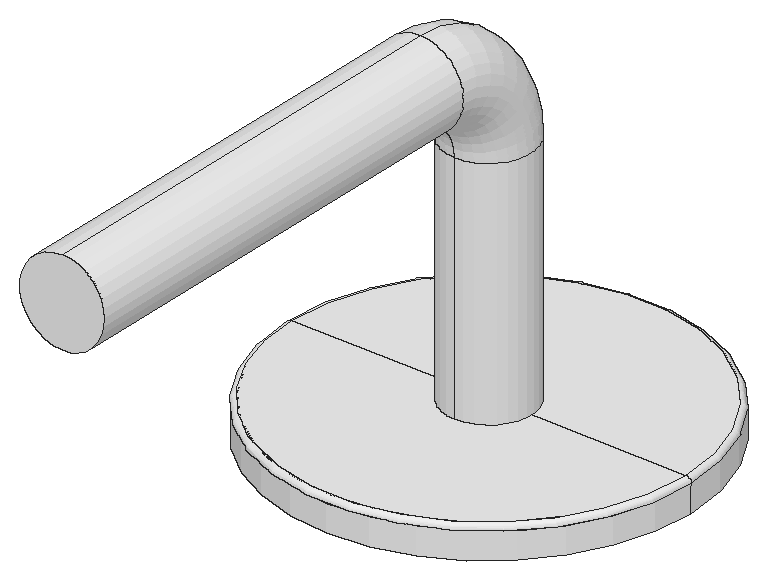
Revit family "Trim-Waterworks-Flyte-Volume_Control", category Plumbing Fixtures, host Face, Revit 2014
Parameters (values of type "NOT A TYPE - Load Type Catalog")
  ‌Installation Requirements or Notes = "Required 1/2'' valve rough Hot -GUVC18 or Cold -GUVC19, sold separately."  # constant formula
  Waste Connection = 1 = 0  # no
  Warranty = "http://www.waterworks.com/warranty"
  Version = "2014 - v1.0a"  # constant formula
  Vent Connection = 1 = 0  # no
  Support Phone = "(224) 699-9545"  # constant formula
  Support Email = "mailto:support@anguleris.com"
  Model SKU = if(and(Constraint = 1, ControlM = 1), "05-96038-75510", if(and(Constraint = 1, ControlM = 2), "05-58938-50372", if(and(Constraint = 1, ControlM = 3), "05-82622-50145", if(and(Constraint = 1, ControlM = 4), "05-54097-90511", if(and(Constraint = 2, ControlM = 5), "05-66137-92977", if(and(Constraint = 2, ControlM = 6), "05-87745-21106", if(and(Constraint = 2, ControlM = 7), "05-63184-81440", if(and(Constraint = 2, ControlM = 8), "05-56007-64486", "Not Available"))))))))  # "05-96038-75510"
  Manufacturer Email = "mailto:acallanan@waterworks.com"
  Lever Handles = if(Constraint = 1, 1 = 1, 1 = 0)  # yes
  Length = 0' - 2 3/8"  # constant formula
  Keynote = "22 40 00"
  Hot Limit Safety Stop = 1 = 0  # no
  Height = if(Constraint = 1, 0' 4 5/16", 0' 2 3/8")  # 0' - 4 5/16"
  HW Connection = 1 = 1  # yes
  WFU = 0
  URL = "http://www.waterworks.com/"
  Product Page URL = "http://www.waterworks.com/flyte-volume-control-valve-trim-with-metal-lever-handle-flvc50"
  Product Name = if(Constraint = 1, "Flyte Volume Control Valve Trim with Metal Lever Handle", "Flyte Volume Control Valve Trim with Metal Cross Handle")  # "Flyte Volume Control Valve Trim with Metal Lever Handle"
  Product Documentation Link = "http://assets.waterworks.com/wasset/26/original/35826.pdf"
  Model = if(Constraint = 1, "FLVC50", "FLVC40")  # "FLVC50"
  Material = ""
  Manufacturer Phone Number = "(203)546-6201"  # constant formula
  Manufacturer Address = "60 Backus Avenue, Danbury, CT 06810"  # constant formula
  Manufacturer = "Waterworks"  # constant formula
  HWFU = 0
  Fittings Hole Diameter = 0' - 1 3/8"  # constant formula
  Finish = Metal - Waterworks - Chrome
  Description = if(and(Constraint = 1, ControlM = 1), "Flyte Volume Control Valve Trim with Metal Lever Handle in Chrome", if(and(Constraint = 1, ControlM = 2), "Flyte Volume Control Valve Trim with Metal Lever Handle in Graphite", if(and(Constraint = 1, ControlM = 3), "Flyte Volume Control Valve Trim with Metal Lever Handle in Nickel", if(and(Constraint = 1, ControlM = 4), "Flyte Volume Control Valve Trim with Metal Lever Handle in Unlacquered Brass", if(and(Constraint = 2, ControlM = 5), "Flyte Volume Control Valve Trim with Metal Cross Handle in Chrome", if(and(Constraint = 2, ControlM = 6), "Flyte Volume Control Valve Trim with Metal Cross Handle in Graphite", if(and(Constraint = 2, ControlM = 7), "Flyte Volume Control Valve Trim with Metal Cross Handle in Nickel", if(and(Constraint = 2, ControlM = 8), "Flyte Volume Control Valve Trim with Metal Cross Handle in Unlacquered Brass", "Not Available"))))))))  # "Flyte Volume Control Valve Trim with Metal Lever Handle in Chrome"
  Depth = 0' - 2 5/16"  # constant formula
  Default Elevation = 2' - 10"
  Cross Handles = not(Lever Handles)  # no
  Copyright = "@2017 Waterworks Operating Company LLC. All rights reserved"  # constant formula
  ControlM = 1
  Control Valve Rough-in Depth Minimum = 0' - 3 1/4"  # constant formula
  Control Valve Rough-in Depth Maximum = 0' - 4 1/4"  # constant formula
  Constraint = 1
  Code Compliance = if(Constraint = 1, "Code # FLSV50: Complies with ASME A112.18.1/CSA B125.1, ASTM E 1621-05, ANSI A117.1 ADA.   Certified with IAPMO, cUPC & State of MA", "Code # FLSV40:")  # "Code # FLSV50: Complies with ASME A112.18.1/CSA B125.1, ASTM E 1621-05, ANSI A117.1 ADA.   Certified with IAPMO, cUPC & State of MA"
  Certification cUPC = 1 = 1  # yes
  Certification State of MA = 1 = 1  # yes
  Certification IAPMO = 1 = 1  # yes
  CWFU = 0
  CW Connection = 1 = 1  # yes
  Assembly Code = "D2010"
  Anti-scald Protection = 1 = 0  # no
  ADA Compliant = 1 = 1  # yes
Reference planes (in)
  plane 1 "Center (Front/Back)": y = 0
  plane 2 "Bottom": z = 0
  plane 3 "Center (Left/Right)": x = 0
  plane 4 "Top": z = 2.3125
  plane 5 "Left": x = -1.1875
  plane 6 "Right": x = 1.1875
  plane 7 "Back": y = 1.1875
  plane 8 "Front": y = -1.1875
  plane 9: through (-0.97227, 0.97227, 48) normal (-0.7071, 0.7071, 0)
  plane 10: through (0.97227, -0.97227, 48) normal (-0.7071, 0.7071, 0)
  plane 11: z = 2.0625
  plane 12: z = 0.1875
  plane 13: y = -3.125
Forms (in)
  Revolve 1, solid, material "Metal - Waterworks - Chrome" <- "Finish"
    sketch origin (0, 0, 0) x (1, 0, 0) y (0, 0, 1)
      loop
        line (0, 0) -> (0, 0.1875) -> (-1.15625, 0.1875)
        arc (-1.15625, 0.1875) -> (-1.17835, 0.17835) -> (-1.1875, 0.15625) r 0.03125
        line (-1.1875, 0.15625) -> (-1.1875, 0) -> (0, 0)
      axis (0, 0.1875) -> (0, 0)
    angle from 0 to 360
  Extrusion 2, solid, material "Metal - Waterworks - Chrome" <- "Finish", visible <- "Cross Handles"
    sketch origin (0, 0, 0) x (1, 0, 0) y (0, 1, 0)
      loop
        circle (0, 0) r 0.25
    from 0.1875 to 2.0625
  Sweep 3, solid, material "Metal - Waterworks - Chrome" <- "Finish", visible <- "Cross Handles"
    path origin (-6, -180, 2.0625) x (-1, 0, 0) y (0, -1, 0)
      loop
        line (-6.97227, -179.02773) -> (-5.02773, -180.97227)
    profile origin (0, 0, 2.0625) x (-0.707107, -0.707107, 0) y (0, 0, 1)
      loop
        circle (0, 0) r 0.25
  Sweep 4, solid, material "Metal - Waterworks - Chrome" <- "Finish", visible <- "Cross Handles"
    path origin (-6, -180, 2.0625) x (-1, 0, 0) y (0, -1, 0)
      loop
        line (-5.02773, -179.02773) -> (-6.97227, -180.97227)
    profile origin (0, 0, 2.0625) x (-0.707107, 0.707107, 0) y (0, 0, 1)
      loop
        circle (0, 0) r 0.25
  Sweep 5, solid, material "Metal - Waterworks - Chrome" <- "Finish", visible <- "Lever Handles"
    path origin (0, 0, 0) x (0, 1, 0) y (0, 0, 1)
      loop
        line (0, 0.1875) -> (0, 1.5625)
        arc (0, 1.5625) -> (-0.14645, 1.91605) -> (-0.5, 2.0625) r 0.5
        line (-0.5, 2.0625) -> (-3.125, 2.0625)
    profile origin (0, 0, 0.875) x (0, -1, 0) y (1, 0, 0)
      loop
        circle (0, 0) r 0.25
Lines and regions (in)
  Masking region 1
    outline origin (0, 0, 0) x (1, 0, 0) y (0, 0, 1)
      loop
        line (-1.1875, 0) -> (1.1875, 0) -> (1.1875, 0.1875) -> (-1.1875, 0.1875) -> (-1.1875, 0)
  Masking region 2, visible <- "Lever Handles", detail levels coarse+medium
    outline origin (0, 0, 0) x (1, 0, 0) y (0, 0, 1)
      loop
        line (-0.25, 0.1875) -> (0.25, 0.1875) -> (0.25, 2.3125) -> (-0.25, 2.3125) -> (-0.25, 0.1875)
  Masking region 3, visible <- "Lever Handles", detail levels fine
    outline origin (0, 0, 0) x (1, 0, 0) y (0, 0, 1)
      loop
        line (-0.25, 0.1875) -> (0.25, 0.1875) -> (0.25, 2.0625)
        arc (0.25, 2.0625) -> (0, 2.3125) -> (-0.25, 2.0625) r 0.25
        line (-0.25, 2.0625) -> (-0.25, 0.1875)
  Masking region 4, visible <- "Cross Handles", detail levels coarse+medium
    outline origin (0, 0, 0) x (1, 0, 0) y (0, 0, 1)
      loop
        line (-0.25, 0.1875) -> (0.25, 0.1875) -> (0.25, 1.80452) -> (1.1875, 1.80452) -> (1.1875, 2.3125) -> (-1.1875, 2.3125) -> (-1.1875, 1.80452) -> (-0.25, 1.80452) -> (-0.25, 0.1875)
  Masking region 5, visible <- "Cross Handles", detail levels fine
    outline origin (0, 0, 0) x (1, 0, 0) y (0, 0, 1)
      loop
        line (-0.25, 0.1875) -> (0.25, 0.1875) -> (0.25, 1.81047) -> (0.94359, 1.81047)
        spline (0.94359, 1.81047) -> (1.00829, 1.81903) -> (1.06859, 1.8441) -> (1.12037, 1.88399) -> (1.1601, 1.93598) -> (1.18507, 1.99652) -> (1.19359, 2.06149) -> (1.18507, 2.12645) -> (1.1601, 2.18699) -> (1.12037, 2.23898) -> (1.06859, 2.27887) -> (1.00829, 2.30395) -> (0.94359, 2.3125)
        line (0.94359, 2.3125) -> (-0.93825, 2.3125)
        spline (-0.93825, 2.3125) -> (-1.00295, 2.30395) -> (-1.06325, 2.27887) -> (-1.11503, 2.23898) -> (-1.15476, 2.18699) -> (-1.17973, 2.12645) -> (-1.18825, 2.06149) -> (-1.17973, 1.99652) -> (-1.15476, 1.93598) -> (-1.11503, 1.88399) -> (-1.06325, 1.8441) -> (-1.00295, 1.81903) -> (-0.93825, 1.81047)
        line (-0.93825, 1.81047) -> (-0.25, 1.81047) -> (-0.25, 0.1875)
  symbolic lines, style "PlumbingFixtures", visible <- "Cross Handles", detail levels fine
    curve 1: line (-0.25, 0, 1.81047) -> (0.25, 0, 1.81047)
  symbolic lines, visible <- "Cross Handles", detail levels fine
    curve 2: line (0, 0, 1.81047) -> (0, 0, 2.3125)
Dimensions and locks (in)
  "Depth": plane 4 "Top" to plane 2 "Bottom"
  equal spacing: plane 5 "Left", plane 3 "Center (Left/Right)", plane 6 "Right", locked at 1.1875 each
  equal spacing: plane 8 "Front", plane 1 "Center (Front/Back)", plane 7 "Back", locked at 1.1875 each
  equal spacing: plane 9, plane 3 "Center (Left/Right)", plane 10
  plane 9 to plane 10 = 0' - 2 3/4"
  Revolve 1 sketch curve to Revolve 1 sketch curve to plane 2 "Bottom" = 0' - 0 1/32" locked, 0' - 0 5/32" locked
  locked: Revolve 1 sketch curve to plane 5 "Left" at 0.03125
  locked: plane 4 "Top" to plane 11 at 0.25
  locked: Extrusion 2 sketch curve to plane 3 "Center (Left/Right)" at 0.25
  locked: plane 12 to plane 2 "Bottom" at 0.1875
  locked: plane 3 "Center (Left/Right)" to Sweep 4 sketch curve at 0
  equal spacing: Sweep 4 sketch curve, plane 3 "Center (Left/Right)", Sweep 4 sketch curve, locked at 1.375 each
  locked: plane 3 "Center (Left/Right)" to Sweep 3 sketch curve at 0
  locked: plane 13 to plane 1 "Center (Front/Back)" at 3.125
  locked: Sweep 5 sketch curve to plane 2 "Bottom" at 1.5625
  aligned and locked: host face to plane 2 "Bottom"
  aligned and locked: level to host face
  aligned and locked: Revolve 1 sketch curve to plane 3 "Center (Left/Right)"  (x2)
  aligned and locked: plane 2 "Bottom" to Revolve 1 sketch curve
  aligned and locked: plane 5 "Left" to Revolve 1 sketch curve
  aligned and locked: plane 3 "Center (Left/Right)" to Extrusion 2 sketch curve
  aligned and locked: plane 1 "Center (Front/Back)" to Extrusion 2 sketch curve
  aligned and locked: plane 11 to Extrusion 2
  aligned and locked: Extrusion 2 to plane 12
  aligned and locked: profile plane to plane 11  (x2)
  aligned and locked: plane 3 "Center (Left/Right)" to Sweep 3 sketch curve
  aligned and locked: plane 11 to Sweep 3 sketch curve
  aligned and locked: plane 11 to Sweep 4 sketch curve
  aligned and locked: plane 3 "Center (Left/Right)" to Sweep 4 sketch curve
  aligned and locked: plane 9 to Sweep 3 sketch curve
  aligned and locked: plane 10 to Sweep 3 sketch curve
  aligned and locked: plane 1 "Center (Front/Back)" to Sweep 5 sketch curve
  aligned and locked: Sweep 5 sketch curve to plane 11
  aligned and locked: plane 13 to Sweep 5 sketch curve
  aligned and locked: plane 12 to Sweep 5 sketch curve
  aligned and locked: Sweep 5 sketch curve to Extrusion 2  (x2)
Automatic sketch dimensions
  host sketch curve to host sketch curve = 6' - 0"  (x2)
  Revolve 1 sketch curve to Revolve 1 sketch curve = 0' - 11.67708"
  plane 4 "Top" to Revolve 1 sketch curve = 0' - 9 11/16"
  plane 5 "Left" to Sweep 3 sketch curve = 0' - 0.21523"
  plane 11 to Sweep 3 sketch curve = 0' - 0"
  Sweep 3 sketch curve to profile plane = 0' - 0"
  plane 5 "Left" to Sweep 4 sketch curve = 0' - 0.21523"
  plane 7 "Back" to Sweep 4 sketch curve = 0' - 0.21523"
  Sweep 4 sketch curve to profile plane = 0' - 0"
  Masking region 1 sketch curve to plane 5 "Left" = 0' - 0"
  Masking region 1 sketch curve to level = 0' - 0"
  Masking region 1 sketch curve to plane 6 "Right" = 0' - 0"
  Masking region 1 sketch curve to plane 12 = 0' - 0"
  Masking region 2 sketch curve to plane 4 "Top" = 0' - 0"
  Masking region 2 sketch curve to plane 12 = 0' - 0"
  Masking region 2 sketch curve to plane 3 "Center (Left/Right)" = 0' - 0 1/4"
  plane 3 "Center (Left/Right)" to Masking region 2 sketch curve = 0' - 0 1/4"
  Masking region 3 sketch curve to plane 12 = 0' - 0"
  Masking region 3 sketch curve to plane 3 "Center (Left/Right)" = 0' - 0"
  Masking region 3 sketch curve to plane 11 = 0' - 0"
  Masking region 3 sketch curve to plane 3 "Center (Left/Right)" = 0' - 0 1/4"
  Masking region 4 sketch curve to plane 4 "Top" = 0' - 0"
  Masking region 4 sketch curve to plane 5 "Left" = 0' - 0"
  Masking region 4 sketch curve to plane 12 = 0' - 0"
  Masking region 4 sketch curve to plane 6 "Right" = 0' - 0"
  plane 3 "Center (Left/Right)" to Masking region 4 sketch curve = 0' - 0 1/4"
  Masking region 4 sketch curve to plane 11 = 0' - 0.25798"  (x2)
  Masking region 4 sketch curve to plane 3 "Center (Left/Right)" = 0' - 0 1/4"
  Masking region 5 sketch curve to plane 12 = 0' - 0"
  Masking region 5 sketch curve to plane 4 "Top" = 0' - 0"
  plane 5 "Left" to Masking region 5 sketch curve = 0' - 0.24925"
  Masking region 5 sketch curve to plane 3 "Center (Left/Right)" = 0' - 0 1/4"
  plane 3 "Center (Left/Right)" to Masking region 5 sketch curve = 0' - 0 1/4"
  Masking region 5 sketch curve to plane 11 = 0' - 0.25203"
  Masking region 5 sketch curve to plane 6 "Right" = 0' - 0.24391"
  Masking region 5 sketch curve to plane 11 = 0' - 0.00101"
  curve 2 to plane 3 "Center (Left/Right)" = 0' - 0"
  curve 2 to plane 4 "Top" = 0' - 0"
  curve 1 to curve 2 = 0' - 0 1/4"
  plane 3 "Center (Left/Right)" to curve 1 = 0' - 0 1/4"
  curve 1 to plane 11 = 0' - 0.25203"
  radius of Sweep 3 sketch curve = 0' - 0 1/4"
  radius of Sweep 4 sketch curve = 0' - 0 1/4"
Types in the file's own list only (8): name | Model SKU | Lever Handles | Height | Product Page URL | Product Name | Product Documentation Link | Model | Finish | Description | Cross Handles | ControlM | Constraint | Code Compliance
  Lever Handle - Chrome | "05-96038-75510" | Yes | 0' - 4 5/16" | "http://www.waterworks.com/flyte-volume-control-valve-trim-with-metal-lever-handle-flvc50" | "Flyte Volume Control Valve Trim with Metal Lever Handle" | "http://assets.waterworks.com/wasset/26/original/35826.pdf" | "FLVC50" | Metal - Waterworks - Chrome | "Flyte Volume Control Valve Trim with Metal Lever Handle in Chrome" | No | 1 | 1 | "Code # FLSV50: Complies with ASME A112.18.1/CSA B125.1, ASTM E 1621-05, ANSI A117.1 ADA.   Certified with IAPMO, cUPC & State of MA"
  Lever Handle - Graphite | "05-58938-50372" | Yes | 0' - 4 5/16" | "http://www.waterworks.com/flyte-volume-control-valve-trim-with-metal-lever-handle-flvc50" | "Flyte Volume Control Valve Trim with Metal Lever Handle" | "http://assets.waterworks.com/wasset/26/original/35826.pdf" | "FLVC50" | Metal - Waterworks - Graphite | "Flyte Volume Control Valve Trim with Metal Lever Handle in Graphite" | No | 2 | 1 | "Code # FLSV50: Complies with ASME A112.18.1/CSA B125.1, ASTM E 1621-05, ANSI A117.1 ADA.   Certified with IAPMO, cUPC & State of MA"
  Lever Handle - Nickel | "05-82622-50145" | Yes | 0' - 4 5/16" | "http://www.waterworks.com/flyte-volume-control-valve-trim-with-metal-lever-handle-flvc50" | "Flyte Volume Control Valve Trim with Metal Lever Handle" | "http://assets.waterworks.com/wasset/26/original/35826.pdf" | "FLVC50" | Metal - Waterworks - Nickel | "Flyte Volume Control Valve Trim with Metal Lever Handle in Nickel" | No | 3 | 1 | "Code # FLSV50: Complies with ASME A112.18.1/CSA B125.1, ASTM E 1621-05, ANSI A117.1 ADA.   Certified with IAPMO, cUPC & State of MA"
  Lever Handle - Unlacquered Brass | "05-54097-90511" | Yes | 0' - 4 5/16" | "http://www.waterworks.com/flyte-volume-control-valve-trim-with-metal-lever-handle-flvc50" | "Flyte Volume Control Valve Trim with Metal Lever Handle" | "http://assets.waterworks.com/wasset/26/original/35826.pdf" | "FLVC50" | Metal - Waterworks - Unlacquered Brass | "Flyte Volume Control Valve Trim with Metal Lever Handle in Unlacquered Brass" | No | 4 | 1 | "Code # FLSV50: Complies with ASME A112.18.1/CSA B125.1, ASTM E 1621-05, ANSI A117.1 ADA.   Certified with IAPMO, cUPC & State of MA"
  Cross Handle - Chrome | "05-66137-92977" | No | 0' - 2 3/8" | "http://www.waterworks.com/flyte-volume-control-valve-trim-with-metal-cross-handle-flvc40" | "Flyte Volume Control Valve Trim with Metal Cross Handle" | "http://assets.waterworks.com/wasset/25/original/35825.pdf" | "FLVC40" | Metal - Waterworks - Chrome | "Flyte Volume Control Valve Trim with Metal Cross Handle in Chrome" | Yes | 5 | 2 | "Code # FLSV40:"
  Cross Handle - Graphite | "05-87745-21106" | No | 0' - 2 3/8" | "http://www.waterworks.com/flyte-volume-control-valve-trim-with-metal-cross-handle-flvc40" | "Flyte Volume Control Valve Trim with Metal Cross Handle" | "http://assets.waterworks.com/wasset/25/original/35825.pdf" | "FLVC40" | Metal - Waterworks - Graphite | "Flyte Volume Control Valve Trim with Metal Cross Handle in Graphite" | Yes | 6 | 2 | "Code # FLSV40:"
  Cross Handle - Nickel | "05-63184-81440" | No | 0' - 2 3/8" | "http://www.waterworks.com/flyte-volume-control-valve-trim-with-metal-cross-handle-flvc40" | "Flyte Volume Control Valve Trim with Metal Cross Handle" | "http://assets.waterworks.com/wasset/25/original/35825.pdf" | "FLVC40" | Metal - Waterworks - Nickel | "Flyte Volume Control Valve Trim with Metal Cross Handle in Nickel" | Yes | 7 | 2 | "Code # FLSV40:"
  Cross Handle - Unlacquered Brass | "05-56007-64486" | No | 0' - 2 3/8" | "http://www.waterworks.com/flyte-volume-control-valve-trim-with-metal-cross-handle-flvc40" | "Flyte Volume Control Valve Trim with Metal Cross Handle" | "http://assets.waterworks.com/wasset/25/original/35825.pdf" | "FLVC40" | Metal - Waterworks - Unlacquered Brass | "Flyte Volume Control Valve Trim with Metal Cross Handle in Unlacquered Brass" | Yes | 8 | 2 | "Code # FLSV40:"
